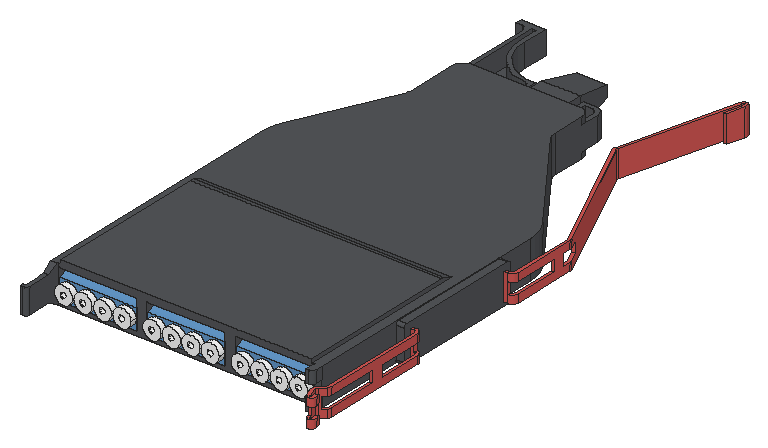
Revit family "Slim cassettes", category Installations électriques, Revit 2020
Family settings
  Conserver l'orientation des annotations = Non
  Cote de connecteur circulaire = Utiliser le diamètre
  Type d'élément = Normal
  Basée sur le plan de construction = Non
  Toujours verticalement = Oui
  Couper avec des vides une fois chargée = Non
  Partagée = Non
  Point de calcul de pièce = Non
Parameters (values of type "Slim cassette 12 LC MTP OS2 HD panel Ultra")
  BIM wording = "Slim cassette 12 LC MTP OS2 HD panel Ultra"
  Depth = 194 mm
  Height = 13.6 mm
  Color = IDS_NOIR
  Type of connector interior = "MTP-M"
  Operating temperature = "-10°C à 60°C"
  E-catalogue link = "https://www.legrand.fr/reference/032170/pro"
  LC connectors = Slim LC connectors : 12 fibers OS2 single mode
  Fiber optic class = "OS2"
  Elévation par défaut = 0 mm
  ETIM class = "EC002699"
  EAN = "3414971929159"
  Crossed = yes
  Function = "High density MTP cassettes"
  Number of connectors rear side = 1
  Number of connectors front side = 12
  Storage temperature = "-10°C à 60°C"
  Type of connector external = "LC_DUPLEX"
  Width (mm) = 100 mm
  Legrand part number = "032170"
Types (3, lengths in mm): name | BIM wording | E-catalogue link | LC connectors | Fiber optic class | EAN | Legrand part number
  Slim cassette 12 LC MTP OM3 HD panel Ultra | "Slim cassette 12 LC MTP OM3 HD panel Ultra" | "https://www.legrand.fr/reference/032168/pro" | Slim LC connectors : 12 fibers OM3 multimode | "OM3" | "3414971929333" | "032168"
  Slim cassette 12 LC MTP OM4 HD panel Ultra | "Slim cassette 12 LC MTP OM4 HD panel Ultra" | "https://www.legrand.fr/reference/032169/pro" | Slim LC connectors : 12 fibers OM4 multi mode | "OM4" | "3414971929135" | "032169"
  Slim cassette 12 LC MTP OS2 HD panel Ultra | "Slim cassette 12 LC MTP OS2 HD panel Ultra" | "https://www.legrand.fr/reference/032170/pro" | Slim LC connectors : 12 fibers OS2 single mode | "OS2" | "3414971929159" | "032170"
Reference planes
  plane 1 "Centre (avant/arrière)": y = 0
  plane 2: z = 0
  plane 3 "Centre (gauche/droite)": x = 0
  plane 4: x = 90.5
  plane 5: y = 150
  plane 6: z = 12.4
  plane 7: z = 13.7
  plane 8: z = 2
  plane 9: z = 10.4
  plane 10: z = 6.2
  plane 11: y = 44
  plane 12: y = 64
  plane 13: y = 30.75
  plane 14: y = 74.75
  plane 15: y = 180
  plane 16: z = 2
  plane 17: z = 10
  plane 18: y = 156.8
  plane 19: x = 2.7
  plane 20: z = 1.4
Forms (mm)
  Extrusion 1, solid, material "IDS_NOIR"
    sketch origin (0, 0, 0) x (1, 0, 0) y (0, 1, 0)
      loop
        line (2.2, 0) -> (88.15, 0) -> (88.15, -3.5) -> (89, -3.5)
        arc (89, -3.5) -> (90.061, -3.061) -> (90.5, -2) r 1.5
        line (90.5, -2) -> (90.5, 0) -> (90.5, 87.126)
        arc (90.5, 87.126) -> (89.766, 91.761) -> (87.635, 95.943) r 15
        line (87.635, 95.943) -> (61.252, 132.256)
        arc (61.252, 132.256) -> (60.639, 133.519) -> (60.5, 134.916) r 4
        line (60.5, 134.916) -> (60.5, 146)
        arc (60.5, 146) -> (59.328, 148.828) -> (56.5, 150) r 4
        line (56.5, 150) -> (21, 150)
        arc (21, 150) -> (18.172, 148.828) -> (17, 146) r 4
        line (17, 146) -> (17, 129.343)
        arc (17, 129.343) -> (16.905, 128.478) -> (16.625, 127.653) r 4
        line (16.625, 127.653) -> (1.405, 95.014)
        arc (1.405, 95.014) -> (0.356, 91.921) -> (0, 88.675) r 15
        line (0, 88.675) -> (0, 0) -> (0.95, -7.737) -> (0.95, -11.45) -> (0, -11.45) -> (0, -12.7) -> (0.95, -12.7)
        arc (0.95, -12.7) -> (1.834, -12.334) -> (2.2, -11.45) r 1.25
        line (2.2, -11.45) -> (2.2, 0)
    from 0 to 12.4
  Extrusion 2, solid, material "IDS_NOIR"
    sketch origin (0, 0, 0) x (0, 1, 0) y (0, 0, 1)
      loop
        line (0, 12.4) -> (58.5, 12.4) -> (55.591, 13.459)
        arc (55.591, 13.459) -> (54.918, 13.639) -> (54.223, 13.7) r 4
        line (54.223, 13.7) -> (0, 13.7) -> (0, 12.4)
    from 3.25 to 87.25
  Extrusion 3, void
    sketch origin (0, 0, 0) x (0, 1, 0) y (0, 0, 1)
      loop
        line (0, 0) -> (-3.464, 2) -> (-12.7, 2) -> (-12.7, 0) -> (0, 0)
      loop
        line (0, 12.4) -> (-12.7, 12.4) -> (-12.7, 10.4) -> (-3.464, 10.4) -> (0, 12.4)
    from 0 to 2.2
  Extrusion 4, void
    sketch origin (90.5, -66.44, 1200) x (0, 1, 0) y (0, 0, 1)
      loop
        line (62.94, -1191.6) -> (62.94, -1196) -> (66.44, -1196) -> (66.44, -1191.6) -> (62.94, -1191.6)
    from 0 to -2.35
  Extrusion 5, solid, material "IDS_NOIR"
    sketch origin (0, 44, -3.722) x (0, 0, -1) y (-1, 0, 0)
      loop
        line (-7.122, 0) -> (-7.122, 1.2) -> (-5.522, 1.2) -> (-5.522, 2.5) -> (-8.422, 2.5) -> (-8.422, 0) -> (-7.122, 0)
    from 0 to 20
  Extrusion 6, solid, material "IDS_NOIR"
    sketch origin (90.5, 0, 0) x (0, 1, 0) y (0, 0, 1)
      loop
        line (31.75, 0) -> (73.75, 0)
        arc (73.75, 0) -> (74.457, 0.293) -> (74.75, 1) r 1
        line (74.75, 1) -> (74.75, 11.4)
        arc (74.75, 11.4) -> (74.457, 12.107) -> (73.75, 12.4) r 1
        line (73.75, 12.4) -> (31.75, 12.4)
        arc (31.75, 12.4) -> (31.043, 12.107) -> (30.75, 11.4) r 1
        line (30.75, 11.4) -> (30.75, 1)
        arc (30.75, 1) -> (31.043, 0.293) -> (31.75, 0) r 1
    from 0 to 3
  Extrusion 7, solid, material "IDS_NOIR"
    sketch origin (0, 184.172, 2) x (0, 1, 0) y (-1, 0, 0)
      loop
        line (-4.172, -13.3) -> (-6.45, -13.3) -> (-6.45, -15)
        arc (-6.45, -15) -> (-7.036, -16.414) -> (-8.45, -17) r 2
        line (-8.45, -17) -> (-40.667, -17) -> (-40.667, -18.4) -> (-6.45, -18.4) -> (-6.45, -19.9) -> (-13.172, -19.9)
        arc (-13.172, -19.9) -> (-24.559, -24.498) -> (-29.562, -35.714) r 16.4
        line (-29.562, -35.714) -> (-40.667, -35.714) -> (-40.667, -37.114) -> (-28.172, -37.114) -> (-28.172, -36.3)
        arc (-28.172, -36.3) -> (-23.779, -25.693) -> (-13.172, -21.3) r 15
        line (-13.172, -21.3) -> (-4.172, -21.3) -> (-4.172, -13.3)
      loop
        arc (-31.422, -60.5) -> (-29.124, -59.548) -> (-28.172, -57.25) r 3.25
        line (-28.172, -57.25) -> (-28.172, -53.214) -> (-40.667, -53.214) -> (-40.667, -54.614) -> (-29.572, -54.614) -> (-29.572, -57.25)
        arc (-29.572, -57.25) -> (-30.114, -58.558) -> (-31.422, -59.1) r 1.85
        line (-31.422, -59.1) -> (-40.667, -59.1) -> (-40.667, -60.5) -> (-31.422, -60.5)
    from 0 to 8
  Extrusion 8, solid, material "IDS_NOIR"
    sketch origin (0, 184.172, 2) x (0, 1, 0) y (-1, 0, 0)
      loop
        arc (-35.132, -18.4) -> (-34.42, -19.614) -> (-34.172, -21) r 4
        line (-34.172, -21) -> (-34.172, -35.714) -> (-29.562, -35.714)
        arc (-29.562, -35.714) -> (-24.559, -24.498) -> (-13.172, -19.9) r 16.4
        line (-13.172, -19.9) -> (-6.45, -19.9) -> (-6.45, -18.4) -> (-35.132, -18.4)
      loop
        line (-35.132, -59.1) -> (-31.422, -59.1)
        arc (-31.422, -59.1) -> (-30.114, -58.558) -> (-29.572, -57.25) r 1.85
        line (-29.572, -57.25) -> (-29.572, -54.614) -> (-34.172, -54.614) -> (-34.172, -56.5)
        arc (-34.172, -56.5) -> (-34.42, -57.886) -> (-35.132, -59.1) r 4
    from 0 to 1.5
  Extrusion 9, solid, material "IDS_NOIR"
    sketch origin (0, 0, 0) x (1, 0, 0) y (0, 1, 0)
      loop
        line (38.614, 150) -> (51.614, 150) -> (51.614, 156.8) -> (38.614, 156.8) -> (38.614, 150)
    from 1.5 to 11
  Blend 10, solid, material "IDS_NOIR"
    base sketch origin (49.862, 156.8, 0) x (-1, 0, 0) y (0, 0, 1)
      loop
        line (-1.752, 11) -> (-1.752, 1.5) -> (11.248, 1.5) -> (11.248, 11) -> (-1.752, 11)
    top sketch origin (49.862, 156.8, 0) x (-1, 0, 0) y (0, 0, 1)
      loop
        line (-0.252, 8.25) -> (-0.252, 4.25) -> (9.748, 4.25) -> (9.748, 8.25) -> (-0.252, 8.25)
    from 0 to 12.5
  Extrusion 11, solid, material "IDS_ROUGE"
    sketch origin (0, 0, 0) x (1, 0, 0) y (0, 1, 0)
      loop
        line (93.5, 34) -> (93.5, 33) -> (94.9, 33)
        arc (94.9, 33) -> (95.607, 32.707) -> (95.9, 32) r 1
        line (95.9, 32) -> (95.9, -4.136) -> (93.975, -6.431)
        arc (93.975, -6.431) -> (93.543, -7.338) -> (93.607, -8.342) r 2
        line (93.607, -8.342) -> (94.593, -11.335)
        spline (94.593, -11.335) -> (94.733, -11.646) -> (94.94, -11.925) -> (95.217, -12.16) -> (95.565, -12.326) -> (95.97, -12.391) -> (96.393, -12.325) -> (96.772, -12.127) -> (97.059, -11.834) -> (97.241, -11.493) -> (97.324, -11.14) -> (97.325, -10.792) -> (97.252, -10.46)
        line (97.252, -10.46) -> (96.877, -9.321) -> (95.928, -9.634) -> (96.303, -10.772)
        spline (96.303, -10.772) -> (96.33, -10.9) -> (96.33, -11.028) -> (96.303, -11.147) -> (96.249, -11.248) -> (96.173, -11.326) -> (96.08, -11.375) -> (95.976, -11.391) -> (95.869, -11.373) -> (95.765, -11.324) -> (95.672, -11.245) -> (95.596, -11.142) -> (95.543, -11.023)
        line (95.543, -11.023) -> (94.557, -8.029)
        arc (94.557, -8.029) -> (94.525, -7.527) -> (94.741, -7.073) r 1
        line (94.741, -7.073) -> (96.432, -5.058)
        arc (96.432, -5.058) -> (96.779, -4.456) -> (96.9, -3.772) r 2
        line (96.9, -3.772) -> (96.9, 32)
        arc (96.9, 32) -> (96.314, 33.414) -> (94.9, 34) r 2
        line (94.9, 34) -> (93.5, 34)
      loop
        line (93.5, 72) -> (95, 72)
        arc (95, 72) -> (96.414, 72.586) -> (97, 74) r 2
        line (97, 74) -> (97, 95.556)
        arc (97, 95.556) -> (96.953, 95.989) -> (96.812, 96.402) r 2
        line (96.812, 96.402) -> (76.231, 140.504)
        arc (76.231, 140.504) -> (76.096, 141.008) -> (76.142, 141.528) r 1.5
        line (76.142, 141.528) -> (86.5, 180)
        spline (86.5, 180) -> (86.567, 180.196) -> (86.656, 180.372) -> (86.76, 180.516) -> (86.873, 180.617) -> (86.987, 180.669) -> (87.094, 180.669) -> (87.187, 180.615) -> (87.259, 180.513) -> (87.306, 180.369) -> (87.325, 180.192) -> (87.313, 179.996) -> (87.272, 179.792)
        line (87.272, 179.792) -> (85.713, 173.998) -> (86.678, 173.738) -> (88.238, 179.532)
        spline (88.238, 179.532) -> (88.305, 179.866) -> (88.325, 180.21) -> (88.286, 180.568) -> (88.16, 180.949) -> (87.872, 181.344) -> (87.354, 181.634) -> (86.761, 181.643) -> (86.313, 181.446) -> (86.013, 181.18) -> (85.8, 180.89) -> (85.644, 180.582) -> (85.534, 180.26)
        line (85.534, 180.26) -> (75.177, 141.788)
        arc (75.177, 141.788) -> (75.1, 140.922) -> (75.325, 140.081) r 2.5
        line (75.325, 140.081) -> (96, 95.778) -> (96, 74)
        arc (96, 74) -> (95.707, 73.293) -> (95, 73) r 1
        line (95, 73) -> (93.5, 73) -> (93.5, 72)
    from 1.4 to 10.4
  Extrusion 12, void
    sketch origin (0, 0, 0) x (1, 0, 0) y (0, 1, 0)
      loop
        line (96.877, -9.321) -> (94.218, -10.197) -> (94.593, -11.335)
        spline (94.593, -11.335) -> (94.733, -11.646) -> (94.94, -11.925) -> (95.217, -12.16) -> (95.565, -12.326) -> (95.97, -12.391) -> (96.393, -12.325) -> (96.772, -12.127) -> (97.059, -11.834) -> (97.241, -11.493) -> (97.324, -11.14) -> (97.325, -10.792) -> (97.252, -10.46)
        line (97.252, -10.46) -> (96.877, -9.321)
      loop
        arc (94.9, 33) -> (95.607, 32.707) -> (95.9, 32) r 1
        line (95.9, 32) -> (95.9, 17) -> (96.9, 17) -> (96.9, 32)
        arc (96.9, 32) -> (96.314, 33.414) -> (94.9, 34) r 2
        line (94.9, 34) -> (94.9, 33)
      loop
        line (95.386, -6.304) -> (96.432, -5.058)
        arc (96.432, -5.058) -> (96.779, -4.456) -> (96.9, -3.772) r 2
        line (96.9, -3.772) -> (96.9, 13.3) -> (95.9, 13.3) -> (95.9, -4.136) -> (94.676, -5.595) -> (95.386, -6.304)
      loop
        line (95, 73) -> (95, 72)
        arc (95, 72) -> (96.414, 72.586) -> (97, 74) r 2
        line (97, 74) -> (97, 89) -> (96, 89) -> (96, 74)
        arc (96, 74) -> (95.707, 73.293) -> (95, 73) r 1
      loop
        line (96, 92.7) -> (97, 92.7) -> (97, 95.556)
        arc (97, 95.556) -> (96.953, 95.989) -> (96.812, 96.402) r 2
        line (96.812, 96.402) -> (94.807, 100.7) -> (93.9, 100.277) -> (96, 95.778) -> (96, 92.7)
    from 3.9 to 7.9
  Extrusion 13, void
    sketch origin (0, 0, 0) x (1, 0, 0) y (0, 0, 1)
      loop
        line (2.7, 1.4) -> (28.7, 1.4) -> (28.7, 11.4) -> (2.7, 11.4) -> (2.7, 1.4)
      loop
        line (32.2, 1.4) -> (58.2, 1.4) -> (58.2, 11.4) -> (32.2, 11.4) -> (32.2, 1.4)
      loop
        line (61.7, 1.4) -> (87.7, 1.4) -> (87.7, 11.4) -> (61.7, 11.4) -> (61.7, 1.4)
    from 0 to -23
Cuts and joins
  Extrusion 3, Extrusion 4, Extrusion 13 cuts Extrusion 1
  Extrusion 3, Extrusion 4, Extrusion 13 cuts Extrusion 2
  Extrusion 13 cuts Extrusion 5
  Extrusion 13 cuts Extrusion 7
  Extrusion 13 cuts Extrusion 8
  joined: Extrusion 1, Extrusion 2, Extrusion 5, Extrusion 7, Extrusion 8
  joined: Extrusion 9, Blend 10
  Extrusion 12 cuts Extrusion 11
Dimensions and locks
  plane 3 "Centre (gauche/droite)" to Extrusion 1 sketch curve to Extrusion 1 sketch curve = 17 mm locked, 43.5 mm locked
  locked: plane 6 to level at 12.4
  locked: Extrusion 2 sketch curve to plane 1 "Centre (avant/arrière)" at 58.5
  locked: plane 4 to Extrusion 2 at 3.25
  locked: Extrusion 2 to plane 3 "Centre (gauche/droite)" at 3.25
  Extrusion 1 sketch curve to Extrusion 1 sketch curve = 12.7 mm
  plane 8 to level = 2 mm
  cut or joined group 1 (Extrusion 1, Extrusion 2, Extrusion 3, Extrusion 4, Extrusion 5, Extrusion 7, Extrusion 8, Extrusion 13) to plane 9 = 2 mm
  equal spacing: plane 8, plane 10, plane 9
  cut or joined group 1 to Extrusion 4 sketch curve = 4 mm
  Extrusion 4 sketch curve to cut or joined group 1 = 4 mm
  Extrusion 5 sketch curve to level = 1.8 mm
  Extrusion 5 sketch curve to Extrusion 5 sketch curve = 2.9 mm
  plane 3 "Centre (gauche/droite)" to Extrusion 5 sketch curve = 2.5 mm
  Extrusion 5 sketch curve to Extrusion 5 sketch curve = 1.3 mm  (x2)
  plane 12 to plane 11 to plane 1 "Centre (avant/arrière)" = 20 mm locked, 44 mm locked
  plane 1 "Centre (avant/arrière)" to plane 13 to plane 14 = 30.75 mm locked, 44 mm locked
  plane 3 "Centre (gauche/droite)" to Extrusion 7 sketch curve = 13.3 mm
  Extrusion 7 sketch curve to plane 5 = 6 mm
  Extrusion 7 sketch curve to Extrusion 7 sketch curve = 8 mm
  plane 17 to plane 16 to level = 8 mm locked, 2 mm locked
  Extrusion 9 sketch curve to Extrusion 9 sketch curve = 13 mm
  Extrusion 9 sketch curve to plane 5 = 6.8 mm
  plane 18 to plane 5 = 6.8 mm
  Blend 10 sketch curve to Blend 10 sketch curve = 10 mm
  Blend 10 sketch curve to Blend 10 sketch curve = 4 mm
  plane 1 "Centre (avant/arrière)" to Extrusion 11 sketch curve = 72 mm
  plane 4 to Extrusion 11 sketch curve = 6.5 mm
  Extrusion 11 to Extrusion 12 sketch curve = 17 mm
  Extrusion 12 sketch curve to Extrusion 12 sketch curve = 3.7 mm  (x2)
  cut or joined group of Extrusion 11, Extrusion 12 to cut or joined group of Extrusion 11, Extrusion 12 = 2.5 mm
  cut or joined group of Extrusion 11, Extrusion 12 to Extrusion 12 sketch curve = 17 mm
  Extrusion 12 sketch curve to Extrusion 12 sketch curve = 8 mm
  Extrusion 13 sketch curve to level = 1.4 mm
  Extrusion 13 sketch curve to Extrusion 13 sketch curve = 10 mm
  Extrusion 13 sketch curve to cut or joined group 1 = 26.5 mm
  Extrusion 13 sketch curve to Extrusion 13 sketch curve = 3.5 mm
  Extrusion 13 sketch curve to Extrusion 13 sketch curve = 26 mm
  Extrusion 13 sketch curve to Extrusion 13 sketch curve to Extrusion 13 sketch curve = 3.5 mm, 26 mm
  angle Extrusion 1 sketch curve to Extrusion 1 sketch curve = 155.00°
  angle Extrusion 1 sketch curve to Extrusion 1 sketch curve = 144.00°
  locked: Extrusion 1 to Extrusion 2 sketch curve (angle 20.00°)
  angle plane 3 "Centre (gauche/droite)" to Extrusion 1 sketch curve = 7.00°
  angle cut or joined group 1 to Extrusion 3 sketch curve = 30.00°
  angle Extrusion 3 sketch curve to cut or joined group 1 = 30.00°
  angle Extrusion 11 sketch curve to Extrusion 11 sketch curve = 40.00°
  aligned and locked: level to plane 2
  aligned and locked: plane 1 "Centre (avant/arrière)" to Extrusion 1 sketch curve
  aligned and locked: Extrusion 1 sketch curve to plane 4
  aligned and locked: plane 3 "Centre (gauche/droite)" to Extrusion 1 sketch curve  (x2)
  aligned and locked: Extrusion 1 sketch curve to plane 5
  aligned and locked: plane 6 to Extrusion 1
  aligned and locked: Extrusion 1 to Extrusion 2 sketch curve
  aligned and locked: Extrusion 2 sketch curve to plane 7
  aligned and locked: Extrusion 2 sketch curve to plane 6
  aligned and locked: cut or joined group 1 to Extrusion 3 sketch curve  (x2)
  aligned and locked: Extrusion 3 sketch curve to cut or joined group 1
  aligned and locked: Extrusion 3 to Extrusion 1
  aligned and locked: plane 1 "Centre (avant/arrière)" to Extrusion 4 sketch curve
  aligned and locked: Extrusion 4 sketch curve to cut or joined group 1
  aligned and locked: Extrusion 1 to Extrusion 4
  aligned and locked: Extrusion 5 sketch curve to plane 3 "Centre (gauche/droite)"
  aligned and locked: plane 12 to Extrusion 5
  aligned and locked: Extrusion 6 sketch curve to level
  aligned and locked: Extrusion 6 sketch curve to plane 13
  aligned and locked: Extrusion 6 sketch curve to plane 6
  aligned and locked: Extrusion 6 sketch curve to plane 14
  aligned and locked: Extrusion 7 sketch curve to plane 15
  aligned and locked: Extrusion 7 sketch curve to cut or joined group 1
  aligned and locked: Extrusion 7 sketch curve to Extrusion 7 sketch curve  (x6)
  aligned and locked: Extrusion 7 to plane 17
  aligned and locked: Extrusion 8 sketch curve to cut or joined group 1  (x10)
  aligned and locked: cut or joined group 1 to Extrusion 8 sketch curve
  aligned and locked: Extrusion 9 sketch curve to plane 5
  aligned and locked: Blend 10 sketch curve to Extrusion 9  (x4)
  aligned and locked: Blend 10 to Extrusion 9
  aligned and locked: Extrusion 6 to Extrusion 11 sketch curve  (x2)
  aligned and locked: Extrusion 11 sketch curve to Extrusion 6
  aligned and locked: Extrusion 12 sketch curve to Extrusion 11  (x7)
  aligned and locked: Extrusion 11 to Extrusion 12 sketch curve  (x3)
  aligned and locked: Extrusion 12 sketch curve to cut or joined group of Extrusion 11, Extrusion 12  (x2)
  aligned and locked: Extrusion 13 sketch curve to Extrusion 13 sketch curve  (x4)
  aligned and locked: plane 19 to cut or joined group 1
  aligned and locked: plane 20 to cut or joined group 1
  aligned and locked: plane 19 to nested 1
  aligned and locked: plane 1 "Centre (avant/arrière)" to nested 1
Automatic sketch dimensions
  Extrusion 2 sketch curve to Extrusion 2 sketch curve = 1.368 mm
  plane 1 "Centre (avant/arrière)" to Extrusion 1 sketch curve = 0 mm  (x2)
  plane 3 "Centre (gauche/droite)" to Extrusion 1 sketch curve = 0.95 mm  (x2)
  plane 3 "Centre (gauche/droite)" to Extrusion 1 sketch curve = 1.405 mm
  plane 3 "Centre (gauche/droite)" to Extrusion 1 sketch curve = 2.2 mm
  Extrusion 1 sketch curve to Extrusion 1 sketch curve = 4 mm  (x3)
  Extrusion 1 sketch curve to plane 5 = 17.744 mm
  Extrusion 1 sketch curve to Extrusion 1 sketch curve = 0.752 mm
  Extrusion 1 sketch curve to Extrusion 1 sketch curve = 3.236 mm
  Extrusion 1 sketch curve to Extrusion 1 sketch curve = 15 mm
  plane 4 to Extrusion 1 sketch curve = 2.35 mm
  Extrusion 1 sketch curve to Extrusion 1 sketch curve = 1.5 mm
  Extrusion 1 sketch curve to Extrusion 1 sketch curve = 0 mm
  Extrusion 1 sketch curve to Extrusion 1 sketch curve = 3.5 mm
  Extrusion 1 sketch curve to Extrusion 1 sketch curve = 57.325 mm
  Extrusion 3 sketch curve to plane 6 = 0 mm
  Extrusion 3 sketch curve to plane 9 = 0 mm
  Extrusion 3 sketch curve to plane 8 = 0 mm
  Extrusion 3 sketch curve to plane 1 "Centre (avant/arrière)" = 0 mm  (x2)
  Extrusion 3 sketch curve to Extrusion 3 sketch curve = 0 mm
  Extrusion 6 sketch curve to Extrusion 6 sketch curve = 1 mm  (x2)
  Extrusion 1 to Extrusion 6 sketch curve = 1 mm  (x2)
  Extrusion 7 sketch curve to Extrusion 7 sketch curve = 0 mm  (x4)
  Extrusion 7 sketch curve to Extrusion 7 sketch curve = 1.39 mm
  Extrusion 7 sketch curve to Extrusion 7 sketch curve = 1.4 mm  (x4)
  Extrusion 7 sketch curve to Extrusion 7 sketch curve = 1.85 mm
  Extrusion 7 sketch curve to plane 5 = 6.495 mm
  Extrusion 7 sketch curve to plane 15 = 9 mm
  Extrusion 7 sketch curve to plane 15 = 4.278 mm
  Extrusion 7 sketch curve to plane 15 = 2.278 mm
  Extrusion 7 sketch curve to Extrusion 7 sketch curve = 0.814 mm
  Extrusion 7 sketch curve to Extrusion 7 sketch curve = 16.1 mm
  Extrusion 7 sketch curve to Extrusion 7 sketch curve = 2.636 mm
  plane 3 "Centre (gauche/droite)" to Extrusion 9 sketch curve = 38.614 mm
  Extrusion 11 sketch curve to Extrusion 11 sketch curve = 0 mm  (x8)
  plane 15 to Extrusion 11 sketch curve = 0 mm
  Extrusion 11 sketch curve to plane 15 = 0.468 mm
  plane 4 to Extrusion 11 sketch curve = 2.262 mm
  Extrusion 11 sketch curve to plane 15 = 0.208 mm
  Extrusion 11 sketch curve to Extrusion 11 sketch curve = 0.966 mm
  plane 4 to Extrusion 11 sketch curve = 3.822 mm
  plane 15 to Extrusion 11 sketch curve = 0.26 mm
  plane 4 to Extrusion 11 sketch curve = 12.909 mm
  Extrusion 11 sketch curve to plane 5 = 9.496 mm
  Extrusion 11 sketch curve to Extrusion 11 sketch curve = 1.359 mm
  Extrusion 11 sketch curve to plane 5 = 9.919 mm
  Extrusion 11 sketch curve to plane 5 = 8.212 mm
  Extrusion 11 sketch curve to plane 4 = 3.107 mm
  Extrusion 11 sketch curve to Extrusion 11 sketch curve = 0.368 mm
  Extrusion 11 sketch curve to Extrusion 11 sketch curve = 0.95 mm  (x4)
  Extrusion 11 sketch curve to Extrusion 11 sketch curve = 0.986 mm
  Extrusion 11 sketch curve to Extrusion 11 sketch curve = 0.184 mm
  Extrusion 11 sketch curve to Extrusion 11 sketch curve = 1.4 mm
  Extrusion 11 sketch curve to Extrusion 11 sketch curve = 0.925 mm
  Extrusion 11 sketch curve to Extrusion 11 sketch curve = 1.5 mm
  Extrusion 11 sketch curve to Extrusion 11 sketch curve = 2 mm
  Extrusion 11 sketch curve to Extrusion 11 sketch curve = 1 mm  (x2)
  Extrusion 11 sketch curve to Extrusion 11 sketch curve = 0.385 mm
  Extrusion 11 sketch curve to Extrusion 11 sketch curve = 0.76 mm
  Extrusion 11 sketch curve to Extrusion 11 sketch curve = 0.532 mm
  plane 13 to Extrusion 11 sketch curve = 3.25 mm
  plane 1 "Centre (avant/arrière)" to Extrusion 11 sketch curve = 3.772 mm
  Extrusion 11 sketch curve to Extrusion 11 sketch curve = 0.922 mm
  Extrusion 11 sketch curve to Extrusion 11 sketch curve = 0.222 mm
  Extrusion 12 sketch curve to Extrusion 12 sketch curve = 0.375 mm
  Extrusion 12 sketch curve to Extrusion 12 sketch curve = 0.224 mm
  Extrusion 12 sketch curve to Extrusion 12 sketch curve = 1 mm  (x2)
  Extrusion 12 sketch curve to Extrusion 12 sketch curve = 0.71 mm
  plane 1 "Centre (avant/arrière)" to Extrusion 12 sketch curve = 5.058 mm
  Extrusion 12 sketch curve to Extrusion 12 sketch curve = 0.188 mm
  Extrusion 12 sketch curve to Extrusion 12 sketch curve = 2.856 mm
  Extrusion 12 sketch curve to Extrusion 12 sketch curve = 0.222 mm
  Extrusion 12 sketch curve to Extrusion 12 sketch curve = 0.906 mm
  Extrusion 12 sketch curve to plane 4 = 3.4 mm
  Extrusion 12 sketch curve to plane 4 = 4.5 mm
  plane 3 "Centre (gauche/droite)" to Extrusion 13 sketch curve = 2.7 mm
Nested families
  nested 1: "Slim LC connectors" at (2.7, 0, 1.4), type <- "LC connectors", type "12 fibers OS2 single mode"
Definition of nested family "Slim LC connectors"
  Parameters (values of type "12 fibres OS2 monomode")
    IDS_COULEUR = none
    Default Elevation = 0 mm
  Types (3): name
    12 fibres OM4 multimode
    12 fibres OS2 monomode
    12 fibres OM3 multimode
  Reference planes
    plane 1 "Centre (avant/arrière)": y = 0
    plane 2: z = 0
    plane 3 "Centre (gauche/droite)": x = 0
    plane 4: z = 10
    plane 5: x = 85
    plane 6: y = 23
    plane 7: x = 26
    plane 8: x = 29.5
    plane 9: x = 55.5
    plane 10: x = 59
    plane 11: z = 9.5
    plane 12: x = 13
    plane 13: x = 6.5
    plane 14: x = 3.25
    plane 15: x = 9.75
    plane 16: x = 22.75
    plane 17: x = 16.25
    plane 18: y = 3
    plane 19: z = 3.5
    plane 20: x = 42.5
    plane 21: x = 36
    plane 22: x = 32.75
    plane 23: x = 39.25
    plane 24: x = 52.25
    plane 25: x = 45.75
    plane 26: z = 3.5
    plane 27: x = 72
    plane 28: x = 65.5
    plane 29: x = 62.25
    plane 30: x = 68.75
    plane 31: x = 81.75
    plane 32: x = 75.25
    plane 33: z = 3.5
  Forms (mm)
    Extrusion 1, solid, material <- "IDS_COULEUR"
      sketch origin (0, 0, 0) x (0, 1, 0) y (0, 0, 1)
        loop
          line (0, 0) -> (23, 0) -> (23, 10) -> (3, 10)
          arc (3, 10) -> (2.121, 7.879) -> (0, 7) r 3
          line (0, 7) -> (0, 0)
      from 0 to 26
    Extrusion 2, solid
      sketch origin (0, 0, 0) x (1, 0, 0) y (0, 0, 1)
        loop
          circle (3.25, 3.5) r 3
        loop
          circle (9.75, 3.5) r 3
        loop
          circle (16.25, 3.5) r 3
        loop
          circle (22.75, 3.5) r 3
        loop
          circle (3.25, 3.5) r 1
        loop
          circle (9.75, 3.5) r 1
        loop
          circle (16.25, 3.5) r 1
        loop
          circle (22.75, 3.5) r 1
      from 0 to 2
    Extrusion 3, solid, material <- "IDS_COULEUR"
      sketch origin (29.5, 0, 0) x (0, 1, 0) y (0, 0, 1)
        loop
          line (0, 0) -> (23, 0) -> (23, 10) -> (3, 10)
          arc (3, 10) -> (2.121, 7.879) -> (0, 7) r 3
          line (0, 7) -> (0, 0)
      from 0 to 26
    Extrusion 4, solid, material <- "IDS_COULEUR"
      sketch origin (59, 0, 0) x (0, 1, 0) y (0, 0, 1)
        loop
          line (0, 0) -> (23, 0) -> (23, 10) -> (3, 10)
          arc (3, 10) -> (2.121, 7.879) -> (0, 7) r 3
          line (0, 7) -> (0, 0)
      from 0 to 26
    Extrusion 5, solid
      sketch origin (29.5, 0, 0) x (1, 0, 0) y (0, 0, 1)
        loop
          circle (3.25, 3.5) r 3
        loop
          circle (9.75, 3.5) r 3
        loop
          circle (16.25, 3.5) r 3
        loop
          circle (22.75, 3.5) r 3
        loop
          circle (3.25, 3.5) r 1
        loop
          circle (9.75, 3.5) r 1
        loop
          circle (16.25, 3.5) r 1
        loop
          circle (22.75, 3.5) r 1
      from 0 to 2
    Extrusion 6, solid
      sketch origin (59, 0, 0) x (1, 0, 0) y (0, 0, 1)
        loop
          circle (3.25, 3.5) r 3
        loop
          circle (9.75, 3.5) r 3
        loop
          circle (16.25, 3.5) r 3
        loop
          circle (22.75, 3.5) r 3
        loop
          circle (3.25, 3.5) r 1
        loop
          circle (9.75, 3.5) r 1
        loop
          circle (16.25, 3.5) r 1
        loop
          circle (22.75, 3.5) r 1
      from 0 to 2
  Dimensions and locks
    locked: plane 5 to plane 3 "Centre (gauche/droite)" at 85
    plane 4 to plane 2 = 10 mm
    plane 6 to plane 1 "Centre (avant/arrière)" = 23 mm
    locked: plane 8 to plane 7 at 3.5
    locked: plane 7 to plane 3 "Centre (gauche/droite)" at 26
    locked: plane 8 to plane 9 at 26
    locked: plane 10 to plane 9 at 3.5
    plane 5 to plane 10 = 26 mm
    equal spacing: plane 3 "Centre (gauche/droite)", plane 12, plane 7
    equal spacing: Extrusion 1, plane 13, plane 12
    equal spacing: plane 3 "Centre (gauche/droite)", plane 14, plane 13
    equal spacing: plane 12, plane 15, plane 13
    plane 19 to level = 3.5 mm
    plane 21 to plane 20 = 6.5 mm
    plane 22 to plane 21 = 3.25 mm
    equal spacing: plane 20, plane 23, plane 21
    plane 28 to plane 27 = 6.5 mm
    plane 29 to plane 28 = 3.25 mm
    equal spacing: plane 27, plane 30, plane 28
    aligned and locked: level to plane 2
    aligned and locked: plane 7 to Extrusion 1
    aligned and locked: plane 6 to Extrusion 1 sketch curve
    aligned and locked: plane 6 to Extrusion 4 sketch curve
